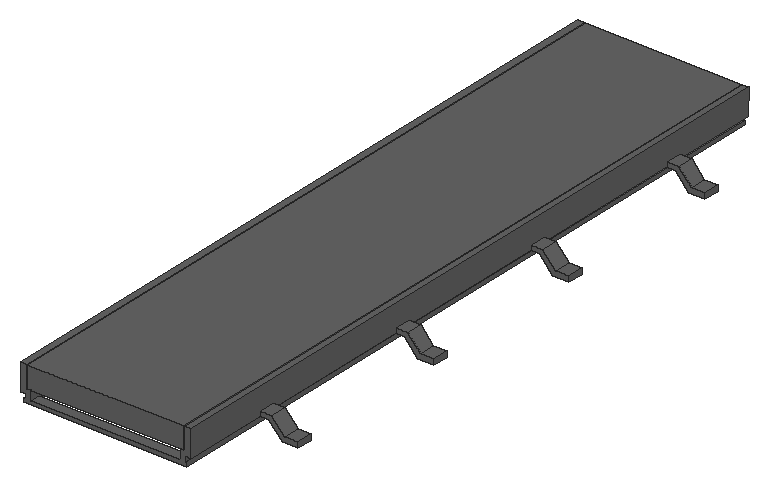
Revit family "Trench_Frame-Watts-Dead_Level-DX-GF", category Plumbing Fixtures, host Face, Revit 2014
Parameters (values of type "Dead Level DX-GF")
  Width = 11.750"
  Waste Connection = yes
  WFU = 0
  Vent Connection = no
  URL = "http://www.watts.com"
  Region = "North America"  # constant formula
  Product Page URL = "http://www.watts.com/pages/_products_details.asp?pid=7758"
  Product Documentation Link = "http://media.wattswater.com/ES-WD-DeadLevel-DX-GF-USA.pdf"
  Model = "Dead Level DX-GF"
  Material = "Metal-WATTS-Ductile Iron"  # constant formula
  Manufacturer Product Line = "Drainage Products"  # constant formula
  Manufacturer = "WATTS"  # constant formula
  Length = 48.000"
  Height = 3.000"
  HWFU = 0
  HW Connection = no
  Grate Material = Metal-WATTS-Ductile Iron
  Grate Array Spacing = 1.250"
  Grate Array Dist. = 0.625"
  Grate Array = Length / 1.000"  # 48
  Country = "United States"  # constant formula
  CWFU = 0
  Description = "Watts Dead Level DX-GF 12 in(305mm) wide x 48 in(1219mm) long (standard) ductile iron frame, with rust-resistant oil-black coating, and (specify) grating to suit DIN Class (specify) load rating. System to include frame connectors, grate lockdowns, and construction covers."
  Default Elevation = 0.000"
  CW Connection = no
  Assembly Code = "D2030"
  Anchor Lug Array Spacing = 11.66667"
  Anchor Lug Array = (Length / Anchor Lug Array Spacing)  # 4
  -GDI Galvanized Ductile Iron = no
  -DI-ADA Ductile Iron ADA grate = no
  -DI Ductile Iron Grate = no
  - SCI Solid Cast Iron = no
  - RSS Reinforced Stainless Steel Slotted = no
  - RSP Reinforced Stainless Steel Perforated = no
  - RGS Reinforced Galvanized Slotted = no
  - RGP Reinforced Galvanized Perforated = no
Reference planes (in)
  plane 1 "Center (Front/Back)": y = 0
  plane 2: z = 0
  plane 3 "Center (Left/Right)": x = 0
  plane 4: z = -2.5
  plane 5: y = 20.43473
  plane 6: y = -24
  plane 7: y = 24
  plane 8: y = 17.5
  plane 9: y = -17.5
  plane 10: y = 5.83333
  plane 11: y = -5.83333
  plane 12: x = -5.875
  plane 13: x = 5.875
  plane 14: x = 8.5
  plane 15: x = -8.5
  plane 16: z = -1.5
  plane 17: x = 5.40625
  plane 18: x = -5.40625
  plane 19: x = -2.70312
Forms (in)
  Extrusion 1, solid, material "Metal-WATTS-Ductile Iron" <- "Grate Material"
    sketch origin (0, -20.43473, 0) x (1, 0, 0) y (0, 0, 1)
      loop
        line (-5.875, 0) -> (-5.875, -1.83777) -> (-5.49191, -1.83777) -> (-5.49191, -2.16383) -> (-5.625, -2.16383) -> (-5.625, -2.41383) -> (5.625, -2.41383) -> (5.625, -2.16383) -> (5.49191, -2.16383) -> (5.49191, -1.83777) -> (5.875, -1.83777) -> (5.875, 0) -> (5.40625, 0) -> (5.40625, -1.5) -> (5.17783, -1.5) -> (5.17783, -2.16383) -> (-5.17783, -2.16383) -> (-5.17783, -1.5) -> (-5.40625, -1.5) -> (-5.40625, 0) -> (-5.875, 0)
    from -44.43473 to 3.56527
  Extrusion 2, void
    sketch origin (0, -20.43473, 0) x (1, 0, 0) y (0, 1, 0)
      loop
        line (-5.17783, 43.68473) -> (-5.17783, -2.81527) -> (5.17783, -2.81527) -> (5.17783, 43.68473) -> (-5.17783, 43.68473)
    from -2.72664 to -0.75
  Extrusion 3, solid, material "Metal-WATTS-Ductile Iron" <- "Grate Material"
    sketch origin (0, -20.43473, 0) x (1, 0, 0) y (0, 1, 0)
      loop
        line (-5.40625, 44.43473) -> (-5.40625, -3.56527) -> (5.40625, -3.56527) -> (5.40625, 44.43473) -> (-5.40625, 44.43473)
    from -1.5 to 0
Cuts and joins
  Extrusion 2 cuts Extrusion 1
  Extrusion 2 cuts Extrusion 3
Lines and regions (in)
  Masking region 1
    outline origin (0, -20.43473, 0) x (1, 0, 0) y (0, 1, 0)
      loop
        line (-5.875, 44.43473) -> (-5.875, -3.56527) -> (5.875, -3.56527) -> (5.875, 44.43473) -> (-5.875, 44.43473)
  symbolic lines, detail levels medium+fine
    curve 1: line (-5.40625, 24, 0) -> (-5.40625, -24, 0)
    curve 2: line (5.40625, -24, 0) -> (5.40625, 24, 0)
  model lines, style "PlumbingFixtures", detail levels fine
    curve 3: line (-0.71442, -23.4375, 0) -> (-4.69183, -23.4375, 0)
    curve 4: line (-4.69183, -23.4375, 0) -> (-4.69183, -23.0625, 0)
    curve 5: line (-4.69183, -23.0625, 0) -> (-0.71442, -23.0625, 0)
    curve 6: line (-0.71442, -23.0625, 0) -> (-0.71442, -23.4375, 0)
    curve 7: line (0.71442, -23.4375, 0) -> (4.69183, -23.4375, 0)
    curve 8: line (4.69183, -23.4375, 0) -> (4.69183, -23.0625, 0)
    curve 9: line (4.69183, -23.0625, 0) -> (0.71442, -23.0625, 0)
    curve 10: line (0.71442, -23.0625, 0) -> (0.71442, -23.4375, 0)
    curve 11: line (-0.71442, -22.4375, 0) -> (-4.69183, -22.4375, 0)
    curve 12: line (-4.69183, -22.4375, 0) -> (-4.69183, -22.0625, 0)
    curve 13: line (-4.69183, -22.0625, 0) -> (-0.71442, -22.0625, 0)
    curve 14: line (-0.71442, -22.0625, 0) -> (-0.71442, -22.4375, 0)
    curve 15: line (0.71442, -22.4375, 0) -> (4.69183, -22.4375, 0)
    curve 16: line (4.69183, -22.4375, 0) -> (4.69183, -22.0625, 0)
    curve 17: line (4.69183, -22.0625, 0) -> (0.71442, -22.0625, 0)
    curve 18: line (0.71442, -22.0625, 0) -> (0.71442, -22.4375, 0)
    curve 19: line (-0.71442, -21.4375, 0) -> (-4.69183, -21.4375, 0)
    curve 20: line (-4.69183, -21.4375, 0) -> (-4.69183, -21.0625, 0)
    curve 21: line (-4.69183, -21.0625, 0) -> (-0.71442, -21.0625, 0)
    curve 22: line (-0.71442, -21.0625, 0) -> (-0.71442, -21.4375, 0)
    curve 23: line (0.71442, -21.4375, 0) -> (4.69183, -21.4375, 0)
    curve 24: line (4.69183, -21.4375, 0) -> (4.69183, -21.0625, 0)
    curve 25: line (4.69183, -21.0625, 0) -> (0.71442, -21.0625, 0)
    curve 26: line (0.71442, -21.0625, 0) -> (0.71442, -21.4375, 0)
    curve 27: line (-0.71442, -20.4375, 0) -> (-4.69183, -20.4375, 0)
    curve 28: line (-4.69183, -20.4375, 0) -> (-4.69183, -20.0625, 0)
    curve 29: line (-4.69183, -20.0625, 0) -> (-0.71442, -20.0625, 0)
    curve 30: line (-0.71442, -20.0625, 0) -> (-0.71442, -20.4375, 0)
    curve 31: line (0.71442, -20.4375, 0) -> (4.69183, -20.4375, 0)
    curve 32: line (4.69183, -20.4375, 0) -> (4.69183, -20.0625, 0)
    curve 33: line (4.69183, -20.0625, 0) -> (0.71442, -20.0625, 0)
    curve 34: line (0.71442, -20.0625, 0) -> (0.71442, -20.4375, 0)
    curve 35: line (-0.71442, -19.4375, 0) -> (-4.69183, -19.4375, 0)
    curve 36: line (-4.69183, -19.4375, 0) -> (-4.69183, -19.0625, 0)
    curve 37: line (-4.69183, -19.0625, 0) -> (-0.71442, -19.0625, 0)
    curve 38: line (-0.71442, -19.0625, 0) -> (-0.71442, -19.4375, 0)
    curve 39: line (0.71442, -19.4375, 0) -> (4.69183, -19.4375, 0)
    curve 40: line (4.69183, -19.4375, 0) -> (4.69183, -19.0625, 0)
    curve 41: line (4.69183, -19.0625, 0) -> (0.71442, -19.0625, 0)
    curve 42: line (0.71442, -19.0625, 0) -> (0.71442, -19.4375, 0)
    curve 43: line (-0.71442, -18.4375, 0) -> (-4.69183, -18.4375, 0)
    curve 44: line (-4.69183, -18.4375, 0) -> (-4.69183, -18.0625, 0)
    curve 45: line (-4.69183, -18.0625, 0) -> (-0.71442, -18.0625, 0)
    curve 46: line (-0.71442, -18.0625, 0) -> (-0.71442, -18.4375, 0)
    curve 47: line (0.71442, -18.4375, 0) -> (4.69183, -18.4375, 0)
    curve 48: line (4.69183, -18.4375, 0) -> (4.69183, -18.0625, 0)
    curve 49: line (4.69183, -18.0625, 0) -> (0.71442, -18.0625, 0)
    curve 50: line (0.71442, -18.0625, 0) -> (0.71442, -18.4375, 0)
    curve 51: line (-0.71442, -17.4375, 0) -> (-4.69183, -17.4375, 0)
    curve 52: line (-4.69183, -17.4375, 0) -> (-4.69183, -17.0625, 0)
    curve 53: line (-4.69183, -17.0625, 0) -> (-0.71442, -17.0625, 0)
    curve 54: line (-0.71442, -17.0625, 0) -> (-0.71442, -17.4375, 0)
    curve 55: line (0.71442, -17.4375, 0) -> (4.69183, -17.4375, 0)
    curve 56: line (4.69183, -17.4375, 0) -> (4.69183, -17.0625, 0)
    curve 57: line (4.69183, -17.0625, 0) -> (0.71442, -17.0625, 0)
    curve 58: line (0.71442, -17.0625, 0) -> (0.71442, -17.4375, 0)
    curve 59: line (-0.71442, -16.4375, 0) -> (-4.69183, -16.4375, 0)
    curve 60: line (-4.69183, -16.4375, 0) -> (-4.69183, -16.0625, 0)
    curve 61: line (-4.69183, -16.0625, 0) -> (-0.71442, -16.0625, 0)
    curve 62: line (-0.71442, -16.0625, 0) -> (-0.71442, -16.4375, 0)
    curve 63: line (0.71442, -16.4375, 0) -> (4.69183, -16.4375, 0)
    curve 64: line (4.69183, -16.4375, 0) -> (4.69183, -16.0625, 0)
    curve 65: line (4.69183, -16.0625, 0) -> (0.71442, -16.0625, 0)
    curve 66: line (0.71442, -16.0625, 0) -> (0.71442, -16.4375, 0)
    curve 67: line (-0.71442, -15.4375, 0) -> (-4.69183, -15.4375, 0)
    curve 68: line (-4.69183, -15.4375, 0) -> (-4.69183, -15.0625, 0)
    curve 69: line (-4.69183, -15.0625, 0) -> (-0.71442, -15.0625, 0)
    curve 70: line (-0.71442, -15.0625, 0) -> (-0.71442, -15.4375, 0)
    curve 71: line (0.71442, -15.4375, 0) -> (4.69183, -15.4375, 0)
    curve 72: line (4.69183, -15.4375, 0) -> (4.69183, -15.0625, 0)
    curve 73: line (4.69183, -15.0625, 0) -> (0.71442, -15.0625, 0)
    curve 74: line (0.71442, -15.0625, 0) -> (0.71442, -15.4375, 0)
    curve 75: line (-0.71442, -14.4375, 0) -> (-4.69183, -14.4375, 0)
    curve 76: line (-4.69183, -14.4375, 0) -> (-4.69183, -14.0625, 0)
    curve 77: line (-4.69183, -14.0625, 0) -> (-0.71442, -14.0625, 0)
    curve 78: line (-0.71442, -14.0625, 0) -> (-0.71442, -14.4375, 0)
    curve 79: line (0.71442, -14.4375, 0) -> (4.69183, -14.4375, 0)
    curve 80: line (4.69183, -14.4375, 0) -> (4.69183, -14.0625, 0)
    curve 81: line (4.69183, -14.0625, 0) -> (0.71442, -14.0625, 0)
    curve 82: line (0.71442, -14.0625, 0) -> (0.71442, -14.4375, 0)
    curve 83: line (-0.71442, -13.4375, 0) -> (-4.69183, -13.4375, 0)
    curve 84: line (-4.69183, -13.4375, 0) -> (-4.69183, -13.0625, 0)
    curve 85: line (-4.69183, -13.0625, 0) -> (-0.71442, -13.0625, 0)
    curve 86: line (-0.71442, -13.0625, 0) -> (-0.71442, -13.4375, 0)
    curve 87: line (0.71442, -13.4375, 0) -> (4.69183, -13.4375, 0)
    curve 88: line (4.69183, -13.4375, 0) -> (4.69183, -13.0625, 0)
    curve 89: line (4.69183, -13.0625, 0) -> (0.71442, -13.0625, 0)
    curve 90: line (0.71442, -13.0625, 0) -> (0.71442, -13.4375, 0)
    curve 91: line (-0.71442, -12.4375, 0) -> (-4.69183, -12.4375, 0)
    curve 92: line (-4.69183, -12.4375, 0) -> (-4.69183, -12.0625, 0)
    curve 93: line (-4.69183, -12.0625, 0) -> (-0.71442, -12.0625, 0)
    curve 94: line (-0.71442, -12.0625, 0) -> (-0.71442, -12.4375, 0)
    curve 95: line (0.71442, -12.4375, 0) -> (4.69183, -12.4375, 0)
    curve 96: line (4.69183, -12.4375, 0) -> (4.69183, -12.0625, 0)
    curve 97: line (4.69183, -12.0625, 0) -> (0.71442, -12.0625, 0)
    curve 98: line (0.71442, -12.0625, 0) -> (0.71442, -12.4375, 0)
    curve 99: line (-0.71442, -11.4375, 0) -> (-4.69183, -11.4375, 0)
    curve 100: line (-4.69183, -11.4375, 0) -> (-4.69183, -11.0625, 0)
    curve 101: line (-4.69183, -11.0625, 0) -> (-0.71442, -11.0625, 0)
    curve 102: line (-0.71442, -11.0625, 0) -> (-0.71442, -11.4375, 0)
    curve 103: line (0.71442, -11.4375, 0) -> (4.69183, -11.4375, 0)
    curve 104: line (4.69183, -11.4375, 0) -> (4.69183, -11.0625, 0)
    curve 105: line (4.69183, -11.0625, 0) -> (0.71442, -11.0625, 0)
    curve 106: line (0.71442, -11.0625, 0) -> (0.71442, -11.4375, 0)
    curve 107: line (-0.71442, -10.4375, 0) -> (-4.69183, -10.4375, 0)
    curve 108: line (-4.69183, -10.4375, 0) -> (-4.69183, -10.0625, 0)
    curve 109: line (-4.69183, -10.0625, 0) -> (-0.71442, -10.0625, 0)
    curve 110: line (-0.71442, -10.0625, 0) -> (-0.71442, -10.4375, 0)
    curve 111: line (0.71442, -10.4375, 0) -> (4.69183, -10.4375, 0)
    curve 112: line (4.69183, -10.4375, 0) -> (4.69183, -10.0625, 0)
    curve 113: line (4.69183, -10.0625, 0) -> (0.71442, -10.0625, 0)
    curve 114: line (0.71442, -10.0625, 0) -> (0.71442, -10.4375, 0)
    curve 115: line (-0.71442, -9.4375, 0) -> (-4.69183, -9.4375, 0)
    curve 116: line (-4.69183, -9.4375, 0) -> (-4.69183, -9.0625, 0)
    curve 117: line (-4.69183, -9.0625, 0) -> (-0.71442, -9.0625, 0)
    curve 118: line (-0.71442, -9.0625, 0) -> (-0.71442, -9.4375, 0)
    curve 119: line (0.71442, -9.4375, 0) -> (4.69183, -9.4375, 0)
    curve 120: line (4.69183, -9.4375, 0) -> (4.69183, -9.0625, 0)
    curve 121: line (4.69183, -9.0625, 0) -> (0.71442, -9.0625, 0)
    curve 122: line (0.71442, -9.0625, 0) -> (0.71442, -9.4375, 0)
    curve 123: line (-0.71442, -8.4375, 0) -> (-4.69183, -8.4375, 0)
    curve 124: line (-4.69183, -8.4375, 0) -> (-4.69183, -8.0625, 0)
    curve 125: line (-4.69183, -8.0625, 0) -> (-0.71442, -8.0625, 0)
    curve 126: line (-0.71442, -8.0625, 0) -> (-0.71442, -8.4375, 0)
    curve 127: line (0.71442, -8.4375, 0) -> (4.69183, -8.4375, 0)
    curve 128: line (4.69183, -8.4375, 0) -> (4.69183, -8.0625, 0)
    curve 129: line (4.69183, -8.0625, 0) -> (0.71442, -8.0625, 0)
    curve 130: line (0.71442, -8.0625, 0) -> (0.71442, -8.4375, 0)
    curve 131: line (-0.71442, -7.4375, 0) -> (-4.69183, -7.4375, 0)
    curve 132: line (-4.69183, -7.4375, 0) -> (-4.69183, -7.0625, 0)
    curve 133: line (-4.69183, -7.0625, 0) -> (-0.71442, -7.0625, 0)
    curve 134: line (-0.71442, -7.0625, 0) -> (-0.71442, -7.4375, 0)
    curve 135: line (0.71442, -7.4375, 0) -> (4.69183, -7.4375, 0)
    curve 136: line (4.69183, -7.4375, 0) -> (4.69183, -7.0625, 0)
    curve 137: line (4.69183, -7.0625, 0) -> (0.71442, -7.0625, 0)
    curve 138: line (0.71442, -7.0625, 0) -> (0.71442, -7.4375, 0)
    curve 139: line (-0.71442, -6.4375, 0) -> (-4.69183, -6.4375, 0)
    curve 140: line (-4.69183, -6.4375, 0) -> (-4.69183, -6.0625, 0)
    curve 141: line (-4.69183, -6.0625, 0) -> (-0.71442, -6.0625, 0)
    curve 142: line (-0.71442, -6.0625, 0) -> (-0.71442, -6.4375, 0)
    curve 143: line (0.71442, -6.4375, 0) -> (4.69183, -6.4375, 0)
    curve 144: line (4.69183, -6.4375, 0) -> (4.69183, -6.0625, 0)
    curve 145: line (4.69183, -6.0625, 0) -> (0.71442, -6.0625, 0)
    curve 146: line (0.71442, -6.0625, 0) -> (0.71442, -6.4375, 0)
    curve 147: line (-0.71442, -5.4375, 0) -> (-4.69183, -5.4375, 0)
    curve 148: line (-4.69183, -5.4375, 0) -> (-4.69183, -5.0625, 0)
    curve 149: line (-4.69183, -5.0625, 0) -> (-0.71442, -5.0625, 0)
    curve 150: line (-0.71442, -5.0625, 0) -> (-0.71442, -5.4375, 0)
    curve 151: line (0.71442, -5.4375, 0) -> (4.69183, -5.4375, 0)
    curve 152: line (4.69183, -5.4375, 0) -> (4.69183, -5.0625, 0)
    curve 153: line (4.69183, -5.0625, 0) -> (0.71442, -5.0625, 0)
    curve 154: line (0.71442, -5.0625, 0) -> (0.71442, -5.4375, 0)
    curve 155: line (-0.71442, -4.4375, 0) -> (-4.69183, -4.4375, 0)
    curve 156: line (-4.69183, -4.4375, 0) -> (-4.69183, -4.0625, 0)
    curve 157: line (-4.69183, -4.0625, 0) -> (-0.71442, -4.0625, 0)
    curve 158: line (-0.71442, -4.0625, 0) -> (-0.71442, -4.4375, 0)
    curve 159: line (0.71442, -4.4375, 0) -> (4.69183, -4.4375, 0)
    curve 160: line (4.69183, -4.4375, 0) -> (4.69183, -4.0625, 0)
    curve 161: line (4.69183, -4.0625, 0) -> (0.71442, -4.0625, 0)
    curve 162: line (0.71442, -4.0625, 0) -> (0.71442, -4.4375, 0)
    curve 163: line (-0.71442, -3.4375, 0) -> (-4.69183, -3.4375, 0)
    curve 164: line (-4.69183, -3.4375, 0) -> (-4.69183, -3.0625, 0)
    curve 165: line (-4.69183, -3.0625, 0) -> (-0.71442, -3.0625, 0)
    curve 166: line (-0.71442, -3.0625, 0) -> (-0.71442, -3.4375, 0)
    curve 167: line (0.71442, -3.4375, 0) -> (4.69183, -3.4375, 0)
    curve 168: line (4.69183, -3.4375, 0) -> (4.69183, -3.0625, 0)
    curve 169: line (4.69183, -3.0625, 0) -> (0.71442, -3.0625, 0)
    curve 170: line (0.71442, -3.0625, 0) -> (0.71442, -3.4375, 0)
    curve 171: line (-0.71442, -2.4375, 0) -> (-4.69183, -2.4375, 0)
    curve 172: line (-4.69183, -2.4375, 0) -> (-4.69183, -2.0625, 0)
    curve 173: line (-4.69183, -2.0625, 0) -> (-0.71442, -2.0625, 0)
    curve 174: line (-0.71442, -2.0625, 0) -> (-0.71442, -2.4375, 0)
    curve 175: line (0.71442, -2.4375, 0) -> (4.69183, -2.4375, 0)
    curve 176: line (4.69183, -2.4375, 0) -> (4.69183, -2.0625, 0)
    curve 177: line (4.69183, -2.0625, 0) -> (0.71442, -2.0625, 0)
    curve 178: line (0.71442, -2.0625, 0) -> (0.71442, -2.4375, 0)
    curve 179: line (-0.71442, -1.4375, 0) -> (-4.69183, -1.4375, 0)
    curve 180: line (-4.69183, -1.4375, 0) -> (-4.69183, -1.0625, 0)
    curve 181: line (-4.69183, -1.0625, 0) -> (-0.71442, -1.0625, 0)
    curve 182: line (-0.71442, -1.0625, 0) -> (-0.71442, -1.4375, 0)
    curve 183: line (0.71442, -1.4375, 0) -> (4.69183, -1.4375, 0)
    curve 184: line (4.69183, -1.4375, 0) -> (4.69183, -1.0625, 0)
    curve 185: line (4.69183, -1.0625, 0) -> (0.71442, -1.0625, 0)
    curve 186: line (0.71442, -1.0625, 0) -> (0.71442, -1.4375, 0)
    curve 187: line (-0.71442, -0.4375, 0) -> (-4.69183, -0.4375, 0)
    curve 188: line (-4.69183, -0.4375, 0) -> (-4.69183, -0.0625, 0)
    curve 189: line (-4.69183, -0.0625, 0) -> (-0.71442, -0.0625, 0)
    curve 190: line (-0.71442, -0.0625, 0) -> (-0.71442, -0.4375, 0)
    curve 191: line (0.71442, -0.4375, 0) -> (4.69183, -0.4375, 0)
    curve 192: line (4.69183, -0.4375, 0) -> (4.69183, -0.0625, 0)
    curve 193: line (4.69183, -0.0625, 0) -> (0.71442, -0.0625, 0)
    curve 194: line (0.71442, -0.0625, 0) -> (0.71442, -0.4375, 0)
    curve 195: line (-0.71442, 0.5625, 0) -> (-4.69183, 0.5625, 0)
    curve 196: line (-4.69183, 0.5625, 0) -> (-4.69183, 0.9375, 0)
    curve 197: line (-4.69183, 0.9375, 0) -> (-0.71442, 0.9375, 0)
    curve 198: line (-0.71442, 0.9375, 0) -> (-0.71442, 0.5625, 0)
    curve 199: line (0.71442, 0.5625, 0) -> (4.69183, 0.5625, 0)
    curve 200: line (4.69183, 0.5625, 0) -> (4.69183, 0.9375, 0)
    curve 201: line (4.69183, 0.9375, 0) -> (0.71442, 0.9375, 0)
    curve 202: line (0.71442, 0.9375, 0) -> (0.71442, 0.5625, 0)
    curve 203: line (-0.71442, 1.5625, 0) -> (-4.69183, 1.5625, 0)
    curve 204: line (-4.69183, 1.5625, 0) -> (-4.69183, 1.9375, 0)
    curve 205: line (-4.69183, 1.9375, 0) -> (-0.71442, 1.9375, 0)
    curve 206: line (-0.71442, 1.9375, 0) -> (-0.71442, 1.5625, 0)
    curve 207: line (0.71442, 1.5625, 0) -> (4.69183, 1.5625, 0)
    curve 208: line (4.69183, 1.5625, 0) -> (4.69183, 1.9375, 0)
    curve 209: line (4.69183, 1.9375, 0) -> (0.71442, 1.9375, 0)
    curve 210: line (0.71442, 1.9375, 0) -> (0.71442, 1.5625, 0)
    curve 211: line (-0.71442, 2.5625, 0) -> (-4.69183, 2.5625, 0)
    curve 212: line (-4.69183, 2.5625, 0) -> (-4.69183, 2.9375, 0)
    curve 213: line (-4.69183, 2.9375, 0) -> (-0.71442, 2.9375, 0)
    curve 214: line (-0.71442, 2.9375, 0) -> (-0.71442, 2.5625, 0)
    curve 215: line (0.71442, 2.5625, 0) -> (4.69183, 2.5625, 0)
    curve 216: line (4.69183, 2.5625, 0) -> (4.69183, 2.9375, 0)
    curve 217: line (4.69183, 2.9375, 0) -> (0.71442, 2.9375, 0)
    curve 218: line (0.71442, 2.9375, 0) -> (0.71442, 2.5625, 0)
    curve 219: line (-0.71442, 3.5625, 0) -> (-4.69183, 3.5625, 0)
    curve 220: line (-4.69183, 3.5625, 0) -> (-4.69183, 3.9375, 0)
    curve 221: line (-4.69183, 3.9375, 0) -> (-0.71442, 3.9375, 0)
    curve 222: line (-0.71442, 3.9375, 0) -> (-0.71442, 3.5625, 0)
    curve 223: line (0.71442, 3.5625, 0) -> (4.69183, 3.5625, 0)
    curve 224: line (4.69183, 3.5625, 0) -> (4.69183, 3.9375, 0)
    curve 225: line (4.69183, 3.9375, 0) -> (0.71442, 3.9375, 0)
    curve 226: line (0.71442, 3.9375, 0) -> (0.71442, 3.5625, 0)
    curve 227: line (-0.71442, 4.5625, 0) -> (-4.69183, 4.5625, 0)
    curve 228: line (-4.69183, 4.5625, 0) -> (-4.69183, 4.9375, 0)
    curve 229: line (-4.69183, 4.9375, 0) -> (-0.71442, 4.9375, 0)
    curve 230: line (-0.71442, 4.9375, 0) -> (-0.71442, 4.5625, 0)
    curve 231: line (0.71442, 4.5625, 0) -> (4.69183, 4.5625, 0)
    curve 232: line (4.69183, 4.5625, 0) -> (4.69183, 4.9375, 0)
    curve 233: line (4.69183, 4.9375, 0) -> (0.71442, 4.9375, 0)
    curve 234: line (0.71442, 4.9375, 0) -> (0.71442, 4.5625, 0)
    curve 235: line (-0.71442, 5.5625, 0) -> (-4.69183, 5.5625, 0)
    curve 236: line (-4.69183, 5.5625, 0) -> (-4.69183, 5.9375, 0)
    curve 237: line (-4.69183, 5.9375, 0) -> (-0.71442, 5.9375, 0)
    curve 238: line (-0.71442, 5.9375, 0) -> (-0.71442, 5.5625, 0)
    curve 239: line (0.71442, 5.5625, 0) -> (4.69183, 5.5625, 0)
    curve 240: line (4.69183, 5.5625, 0) -> (4.69183, 5.9375, 0)
    curve 241: line (4.69183, 5.9375, 0) -> (0.71442, 5.9375, 0)
    curve 242: line (0.71442, 5.9375, 0) -> (0.71442, 5.5625, 0)
    curve 243: line (-0.71442, 6.5625, 0) -> (-4.69183, 6.5625, 0)
    curve 244: line (-4.69183, 6.5625, 0) -> (-4.69183, 6.9375, 0)
    curve 245: line (-4.69183, 6.9375, 0) -> (-0.71442, 6.9375, 0)
    curve 246: line (-0.71442, 6.9375, 0) -> (-0.71442, 6.5625, 0)
    curve 247: line (0.71442, 6.5625, 0) -> (4.69183, 6.5625, 0)
    curve 248: line (4.69183, 6.5625, 0) -> (4.69183, 6.9375, 0)
    curve 249: line (4.69183, 6.9375, 0) -> (0.71442, 6.9375, 0)
    curve 250: line (0.71442, 6.9375, 0) -> (0.71442, 6.5625, 0)
    curve 251: line (-0.71442, 7.5625, 0) -> (-4.69183, 7.5625, 0)
    curve 252: line (-4.69183, 7.5625, 0) -> (-4.69183, 7.9375, 0)
    curve 253: line (-4.69183, 7.9375, 0) -> (-0.71442, 7.9375, 0)
    curve 254: line (-0.71442, 7.9375, 0) -> (-0.71442, 7.5625, 0)
    curve 255: line (0.71442, 7.5625, 0) -> (4.69183, 7.5625, 0)
    curve 256: line (4.69183, 7.5625, 0) -> (4.69183, 7.9375, 0)
    curve 257: line (4.69183, 7.9375, 0) -> (0.71442, 7.9375, 0)
    curve 258: line (0.71442, 7.9375, 0) -> (0.71442, 7.5625, 0)
    curve 259: line (-0.71442, 8.5625, 0) -> (-4.69183, 8.5625, 0)
    curve 260: line (-4.69183, 8.5625, 0) -> (-4.69183, 8.9375, 0)
    curve 261: line (-4.69183, 8.9375, 0) -> (-0.71442, 8.9375, 0)
    curve 262: line (-0.71442, 8.9375, 0) -> (-0.71442, 8.5625, 0)
    curve 263: line (0.71442, 8.5625, 0) -> (4.69183, 8.5625, 0)
    curve 264: line (4.69183, 8.5625, 0) -> (4.69183, 8.9375, 0)
    curve 265: line (4.69183, 8.9375, 0) -> (0.71442, 8.9375, 0)
    curve 266: line (0.71442, 8.9375, 0) -> (0.71442, 8.5625, 0)
    curve 267: line (-0.71442, 9.5625, 0) -> (-4.69183, 9.5625, 0)
    curve 268: line (-4.69183, 9.5625, 0) -> (-4.69183, 9.9375, 0)
    curve 269: line (-4.69183, 9.9375, 0) -> (-0.71442, 9.9375, 0)
    curve 270: line (-0.71442, 9.9375, 0) -> (-0.71442, 9.5625, 0)
    curve 271: line (0.71442, 9.5625, 0) -> (4.69183, 9.5625, 0)
    curve 272: line (4.69183, 9.5625, 0) -> (4.69183, 9.9375, 0)
    curve 273: line (4.69183, 9.9375, 0) -> (0.71442, 9.9375, 0)
    curve 274: line (0.71442, 9.9375, 0) -> (0.71442, 9.5625, 0)
    curve 275: line (-0.71442, 10.5625, 0) -> (-4.69183, 10.5625, 0)
    curve 276: line (-4.69183, 10.5625, 0) -> (-4.69183, 10.9375, 0)
    curve 277: line (-4.69183, 10.9375, 0) -> (-0.71442, 10.9375, 0)
    curve 278: line (-0.71442, 10.9375, 0) -> (-0.71442, 10.5625, 0)
    curve 279: line (0.71442, 10.5625, 0) -> (4.69183, 10.5625, 0)
    curve 280: line (4.69183, 10.5625, 0) -> (4.69183, 10.9375, 0)
    curve 281: line (4.69183, 10.9375, 0) -> (0.71442, 10.9375, 0)
    curve 282: line (0.71442, 10.9375, 0) -> (0.71442, 10.5625, 0)
    curve 283: line (-0.71442, 11.5625, 0) -> (-4.69183, 11.5625, 0)
    curve 284: line (-4.69183, 11.5625, 0) -> (-4.69183, 11.9375, 0)
    curve 285: line (-4.69183, 11.9375, 0) -> (-0.71442, 11.9375, 0)
    curve 286: line (-0.71442, 11.9375, 0) -> (-0.71442, 11.5625, 0)
    curve 287: line (0.71442, 11.5625, 0) -> (4.69183, 11.5625, 0)
    curve 288: line (4.69183, 11.5625, 0) -> (4.69183, 11.9375, 0)
    curve 289: line (4.69183, 11.9375, 0) -> (0.71442, 11.9375, 0)
    curve 290: line (0.71442, 11.9375, 0) -> (0.71442, 11.5625, 0)
    curve 291: line (-0.71442, 12.5625, 0) -> (-4.69183, 12.5625, 0)
    curve 292: line (-4.69183, 12.5625, 0) -> (-4.69183, 12.9375, 0)
    curve 293: line (-4.69183, 12.9375, 0) -> (-0.71442, 12.9375, 0)
    curve 294: line (-0.71442, 12.9375, 0) -> (-0.71442, 12.5625, 0)
    curve 295: line (0.71442, 12.5625, 0) -> (4.69183, 12.5625, 0)
    curve 296: line (4.69183, 12.5625, 0) -> (4.69183, 12.9375, 0)
    curve 297: line (4.69183, 12.9375, 0) -> (0.71442, 12.9375, 0)
    curve 298: line (0.71442, 12.9375, 0) -> (0.71442, 12.5625, 0)
    curve 299: line (-0.71442, 13.5625, 0) -> (-4.69183, 13.5625, 0)
    curve 300: line (-4.69183, 13.5625, 0) -> (-4.69183, 13.9375, 0)
    curve 301: line (-4.69183, 13.9375, 0) -> (-0.71442, 13.9375, 0)
    curve 302: line (-0.71442, 13.9375, 0) -> (-0.71442, 13.5625, 0)
    curve 303: line (0.71442, 13.5625, 0) -> (4.69183, 13.5625, 0)
    curve 304: line (4.69183, 13.5625, 0) -> (4.69183, 13.9375, 0)
    curve 305: line (4.69183, 13.9375, 0) -> (0.71442, 13.9375, 0)
    curve 306: line (0.71442, 13.9375, 0) -> (0.71442, 13.5625, 0)
    curve 307: line (-0.71442, 14.5625, 0) -> (-4.69183, 14.5625, 0)
    curve 308: line (-4.69183, 14.5625, 0) -> (-4.69183, 14.9375, 0)
    curve 309: line (-4.69183, 14.9375, 0) -> (-0.71442, 14.9375, 0)
    curve 310: line (-0.71442, 14.9375, 0) -> (-0.71442, 14.5625, 0)
    curve 311: line (0.71442, 14.5625, 0) -> (4.69183, 14.5625, 0)
    curve 312: line (4.69183, 14.5625, 0) -> (4.69183, 14.9375, 0)
    curve 313: line (4.69183, 14.9375, 0) -> (0.71442, 14.9375, 0)
    curve 314: line (0.71442, 14.9375, 0) -> (0.71442, 14.5625, 0)
    curve 315: line (-0.71442, 15.5625, 0) -> (-4.69183, 15.5625, 0)
    curve 316: line (-4.69183, 15.5625, 0) -> (-4.69183, 15.9375, 0)
    curve 317: line (-4.69183, 15.9375, 0) -> (-0.71442, 15.9375, 0)
    curve 318: line (-0.71442, 15.9375, 0) -> (-0.71442, 15.5625, 0)
    curve 319: line (0.71442, 15.5625, 0) -> (4.69183, 15.5625, 0)
    curve 320: line (4.69183, 15.5625, 0) -> (4.69183, 15.9375, 0)
    curve 321: line (4.69183, 15.9375, 0) -> (0.71442, 15.9375, 0)
    curve 322: line (0.71442, 15.9375, 0) -> (0.71442, 15.5625, 0)
    curve 323: line (-0.71442, 16.5625, 0) -> (-4.69183, 16.5625, 0)
    curve 324: line (-4.69183, 16.5625, 0) -> (-4.69183, 16.9375, 0)
    curve 325: line (-4.69183, 16.9375, 0) -> (-0.71442, 16.9375, 0)
    curve 326: line (-0.71442, 16.9375, 0) -> (-0.71442, 16.5625, 0)
    curve 327: line (0.71442, 16.5625, 0) -> (4.69183, 16.5625, 0)
    curve 328: line (4.69183, 16.5625, 0) -> (4.69183, 16.9375, 0)
    curve 329: line (4.69183, 16.9375, 0) -> (0.71442, 16.9375, 0)
    curve 330: line (0.71442, 16.9375, 0) -> (0.71442, 16.5625, 0)
    curve 331: line (-0.71442, 17.5625, 0) -> (-4.69183, 17.5625, 0)
    curve 332: line (-4.69183, 17.5625, 0) -> (-4.69183, 17.9375, 0)
    curve 333: line (-4.69183, 17.9375, 0) -> (-0.71442, 17.9375, 0)
    curve 334: line (-0.71442, 17.9375, 0) -> (-0.71442, 17.5625, 0)
    curve 335: line (0.71442, 17.5625, 0) -> (4.69183, 17.5625, 0)
    curve 336: line (4.69183, 17.5625, 0) -> (4.69183, 17.9375, 0)
    curve 337: line (4.69183, 17.9375, 0) -> (0.71442, 17.9375, 0)
    curve 338: line (0.71442, 17.9375, 0) -> (0.71442, 17.5625, 0)
    curve 339: line (-0.71442, 18.5625, 0) -> (-4.69183, 18.5625, 0)
    curve 340: line (-4.69183, 18.5625, 0) -> (-4.69183, 18.9375, 0)
    curve 341: line (-4.69183, 18.9375, 0) -> (-0.71442, 18.9375, 0)
    curve 342: line (-0.71442, 18.9375, 0) -> (-0.71442, 18.5625, 0)
    curve 343: line (0.71442, 18.5625, 0) -> (4.69183, 18.5625, 0)
    curve 344: line (4.69183, 18.5625, 0) -> (4.69183, 18.9375, 0)
    curve 345: line (4.69183, 18.9375, 0) -> (0.71442, 18.9375, 0)
    curve 346: line (0.71442, 18.9375, 0) -> (0.71442, 18.5625, 0)
    curve 347: line (-0.71442, 19.5625, 0) -> (-4.69183, 19.5625, 0)
    curve 348: line (-4.69183, 19.5625, 0) -> (-4.69183, 19.9375, 0)
    curve 349: line (-4.69183, 19.9375, 0) -> (-0.71442, 19.9375, 0)
    curve 350: line (-0.71442, 19.9375, 0) -> (-0.71442, 19.5625, 0)
    curve 351: line (0.71442, 19.5625, 0) -> (4.69183, 19.5625, 0)
    curve 352: line (4.69183, 19.5625, 0) -> (4.69183, 19.9375, 0)
    curve 353: line (4.69183, 19.9375, 0) -> (0.71442, 19.9375, 0)
    curve 354: line (0.71442, 19.9375, 0) -> (0.71442, 19.5625, 0)
    curve 355: line (-0.71442, 20.5625, 0) -> (-4.69183, 20.5625, 0)
    curve 356: line (-4.69183, 20.5625, 0) -> (-4.69183, 20.9375, 0)
    curve 357: line (-4.69183, 20.9375, 0) -> (-0.71442, 20.9375, 0)
    curve 358: line (-0.71442, 20.9375, 0) -> (-0.71442, 20.5625, 0)
    curve 359: line (0.71442, 20.5625, 0) -> (4.69183, 20.5625, 0)
    curve 360: line (4.69183, 20.5625, 0) -> (4.69183, 20.9375, 0)
    curve 361: line (4.69183, 20.9375, 0) -> (0.71442, 20.9375, 0)
    curve 362: line (0.71442, 20.9375, 0) -> (0.71442, 20.5625, 0)
    curve 363: line (-0.71442, 21.5625, 0) -> (-4.69183, 21.5625, 0)
    curve 364: line (-4.69183, 21.5625, 0) -> (-4.69183, 21.9375, 0)
    curve 365: line (-4.69183, 21.9375, 0) -> (-0.71442, 21.9375, 0)
    curve 366: line (-0.71442, 21.9375, 0) -> (-0.71442, 21.5625, 0)
    curve 367: line (0.71442, 21.5625, 0) -> (4.69183, 21.5625, 0)
    curve 368: line (4.69183, 21.5625, 0) -> (4.69183, 21.9375, 0)
    curve 369: line (4.69183, 21.9375, 0) -> (0.71442, 21.9375, 0)
    curve 370: line (0.71442, 21.9375, 0) -> (0.71442, 21.5625, 0)
    curve 371: line (-0.71442, 22.5625, 0) -> (-4.69183, 22.5625, 0)
    curve 372: line (-4.69183, 22.5625, 0) -> (-4.69183, 22.9375, 0)
    curve 373: line (-4.69183, 22.9375, 0) -> (-0.71442, 22.9375, 0)
    curve 374: line (-0.71442, 22.9375, 0) -> (-0.71442, 22.5625, 0)
    curve 375: line (0.71442, 22.5625, 0) -> (4.69183, 22.5625, 0)
    curve 376: line (4.69183, 22.5625, 0) -> (4.69183, 22.9375, 0)
    curve 377: line (4.69183, 22.9375, 0) -> (0.71442, 22.9375, 0)
    curve 378: line (0.71442, 22.9375, 0) -> (0.71442, 22.5625, 0)
    curve 379: line (-0.71442, 23.5625, 0) -> (-4.69183, 23.5625, 0)
    curve 380: line (-4.69183, 23.5625, 0) -> (-4.69183, 23.9375, 0)
    curve 381: line (-4.69183, 23.9375, 0) -> (-0.71442, 23.9375, 0)
    curve 382: line (-0.71442, 23.9375, 0) -> (-0.71442, 23.5625, 0)
    curve 383: line (0.71442, 23.5625, 0) -> (4.69183, 23.5625, 0)
    curve 384: line (4.69183, 23.5625, 0) -> (4.69183, 23.9375, 0)
    curve 385: line (4.69183, 23.9375, 0) -> (0.71442, 23.9375, 0)
    curve 386: line (0.71442, 23.9375, 0) -> (0.71442, 23.5625, 0)
Dimensions and locks (in)
  plane 2 to plane 4 = 2.500"
  "Length": plane 7 to plane 6
  equal spacing: plane 8, plane 10, plane 11, plane 9
  equal spacing: plane 7, plane 1 "Center (Front/Back)", plane 6
  plane 13 to plane 12 = 11.750"
  plane 14 to plane 15 = 17.000"
  plane 17 to plane 18 = 10.8125"
  equal spacing: plane 18, plane 19, plane 3 "Center (Left/Right)"
  locked: nested 1 to plane 6 at 6.5
  equal spacing: group 1, group 2, group 3, group 4  (x3)
  "Anchor Lug Array Spacing": nested 1 to nested 2
  equal spacing: group 5, group 6, group 7, group 8, group 9, group 10, group 11, group 12, group 13, group 14, group 15, group 16, group 17, group 18, group 19, group 20, group 21, group 22, group 23, group 24, group 25, group 26, group 27, group 28, group 29, group 30, group 31, group 32, group 33, group 34, group 35, group 36, group 37, group 38, group 39, group 40, group 41, group 42, group 43, group 44, group 45, group 46, group 47, group 48, group 49, group 50, group 51, group 52  (x3)
  locked: curve 3 to plane 6 at 0.5625
  curve 5 to curve 3 = 0.375"
  locked: curve 13 to curve 11 at 0.375
  locked: curve 21 to curve 19 at 0.375
  locked: curve 29 to curve 27 at 0.375
  locked: curve 37 to curve 35 at 0.375
  locked: curve 45 to curve 43 at 0.375
  locked: curve 53 to curve 51 at 0.375
  locked: curve 61 to curve 59 at 0.375
  locked: curve 69 to curve 67 at 0.375
  locked: curve 77 to curve 75 at 0.375
  locked: curve 85 to curve 83 at 0.375
  locked: curve 93 to curve 91 at 0.375
  locked: curve 101 to curve 99 at 0.375
  locked: curve 109 to curve 107 at 0.375
  locked: curve 117 to curve 115 at 0.375
  locked: curve 125 to curve 123 at 0.375
  locked: curve 133 to curve 131 at 0.375
  locked: curve 141 to curve 139 at 0.375
  locked: curve 149 to curve 147 at 0.375
  locked: curve 157 to curve 155 at 0.375
  locked: curve 165 to curve 163 at 0.375
  locked: curve 173 to curve 171 at 0.375
  locked: curve 181 to curve 179 at 0.375
  locked: curve 189 to curve 187 at 0.375
  locked: curve 197 to curve 195 at 0.375
  locked: curve 205 to curve 203 at 0.375
  locked: curve 213 to curve 211 at 0.375
  locked: curve 221 to curve 219 at 0.375
  locked: curve 229 to curve 227 at 0.375
  locked: curve 237 to curve 235 at 0.375
  locked: curve 245 to curve 243 at 0.375
  locked: curve 253 to curve 251 at 0.375
  locked: curve 261 to curve 259 at 0.375
  locked: curve 269 to curve 267 at 0.375
  locked: curve 277 to curve 275 at 0.375
  locked: curve 285 to curve 283 at 0.375
  locked: curve 293 to curve 291 at 0.375
  locked: curve 301 to curve 299 at 0.375
  locked: curve 309 to curve 307 at 0.375
  locked: curve 317 to curve 315 at 0.375
  locked: curve 325 to curve 323 at 0.375
  locked: curve 333 to curve 331 at 0.375
  locked: curve 341 to curve 339 at 0.375
  locked: curve 349 to curve 347 at 0.375
  locked: curve 357 to curve 355 at 0.375
  locked: curve 365 to curve 363 at 0.375
  locked: curve 373 to curve 371 at 0.375
  "Grate Array Dist.": curve 5 to curve 11
  aligned and locked: plane 2 to host face
  aligned and locked: level to host face
  aligned and locked: Masking region 1 sketch curve to plane 7
  aligned and locked: Extrusion 1 to plane 6
  aligned and locked: plane 7 to Extrusion 1
  aligned and locked: Extrusion 3 to plane 6
  aligned and locked: plane 7 to Extrusion 3
  aligned and locked: plane 3 "Center (Left/Right)" to nested 1
Automatic sketch dimensions
  host sketch curve to host sketch curve = 96.000"  (x2)
  Extrusion 1 sketch curve to level = 0.000"  (x2)
  Extrusion 1 sketch curve to plane 12 = 0.000"
  Extrusion 1 sketch curve to plane 18 = 0.000"
  Extrusion 1 sketch curve to plane 16 = 0.000"  (x2)
  plane 17 to Extrusion 1 sketch curve = 0.000"
  plane 13 to Extrusion 1 sketch curve = 0.000"
  plane 4 to Extrusion 1 sketch curve = 0.08617"
  Extrusion 1 sketch curve to plane 18 = 0.21875"
  Extrusion 1 sketch curve to plane 18 = 0.08566"
  Extrusion 1 sketch curve to Extrusion 1 sketch curve = 0.22842"
  plane 17 to Extrusion 1 sketch curve = 0.22842"
  Extrusion 1 sketch curve to plane 17 = 0.08566"
  Extrusion 1 sketch curve to Extrusion 1 sketch curve = 0.13309"
  plane 4 to Extrusion 1 sketch curve = 0.33617"
  Extrusion 1 sketch curve to Extrusion 1 sketch curve = 0.250"  (x2)
  Extrusion 1 sketch curve to Extrusion 1 sketch curve = 0.32606"
  plane 16 to Extrusion 1 sketch curve = 0.33777"
  plane 18 to Extrusion 2 sketch curve = 0.22842"
  plane 17 to Extrusion 2 sketch curve = 0.22842"
  plane 6 to Extrusion 2 sketch curve = 0.750"
  Extrusion 2 sketch curve to plane 7 = 0.750"
  Extrusion 3 sketch curve to plane 6 = 0.000"
  Extrusion 3 sketch curve to plane 18 = 0.000"
  Extrusion 3 sketch curve to plane 17 = 0.000"
  Extrusion 3 sketch curve to plane 7 = 0.000"
  Masking region 1 sketch curve to plane 6 = 0.000"
  Masking region 1 sketch curve to plane 12 = 0.000"
  Masking region 1 sketch curve to plane 13 = 0.000"
  curve 1 to plane 6 = 0.000"
  curve 1 to plane 18 = 0.000"
  curve 2 to plane 7 = 0.000"
  curve 2 to plane 17 = 0.000"
  curve 2 to plane 6 = 0.000"
  curve 1 to plane 7 = 0.000"
Nested families (in)
  nested 1: "Anchor Lug - DX-GF" at (0, -17.5, 0), type "Anchor Lug - DX-GF"
  nested 2: "Anchor Lug - DX-GF" at (0, -5.83333, 0), type "Anchor Lug - DX-GF"
  nested 3: "Anchor Lug - DX-GF" at (0, 5.83333, 0), type "Anchor Lug - DX-GF"
  nested 4: "Anchor Lug - DX-GF" at (0, 17.5, 0), type "Anchor Lug - DX-GF"
Definition of nested family "Anchor Lug - DX-GF"
  Parameters (values of type "Anchor Lug")
    Waste Connection = no
    Vent Connection = no
    URL = "http://www.watts.com"
    Revised Date = ""
    Model = "Anchor Lug"
    Material = "Metal-WATTS-Ductile Iron"
    Manufacturer = "WATTS"
    HW Connection = no
    Grate Material = Metal-WATTS-Ductile Iron
    Description = "Anchor Lug"
    Default Elevation = 0.000"
    Creation Date = ""
    CW Connection = no
  Reference planes (in)
    plane 1 "Center (Front/Back)": y = 0
    plane 2: z = 0
    plane 3 "Center (Left/Right)": x = 0
    plane 4: z = -2.5
    plane 5: x = 8.25
    plane 6: z = -1.5
    plane 7: z = -2.5
    plane 8: x = -8.25
    plane 9: z = -1.5
    plane 10: x = 8.5
    plane 11: x = -8.5
  Forms (in)
    Extrusion 1, solid, material "Metal-WATTS-Ductile Iron" <- "Grate Material"
      sketch origin (0, 78.11635, 0) x (1, 0, 0) y (0, 0, 1)
        loop
          line (5.875, -1.5) -> (5.875, -1.83777) -> (6.4884, -1.83777) -> (7.41451, -2.894) -> (8.5, -2.894) -> (8.5, -2.5) -> (7.59314, -2.5) -> (6.71633, -1.5) -> (5.875, -1.5)
        loop
          line (-5.875, -1.5) -> (-6.71633, -1.5) -> (-7.59314, -2.5) -> (-8.5, -2.5) -> (-8.5, -2.894) -> (-7.41451, -2.894) -> (-6.4884, -1.83777) -> (-5.875, -1.83777) -> (-5.875, -1.5)
      from 77.56634 to 78.66636
